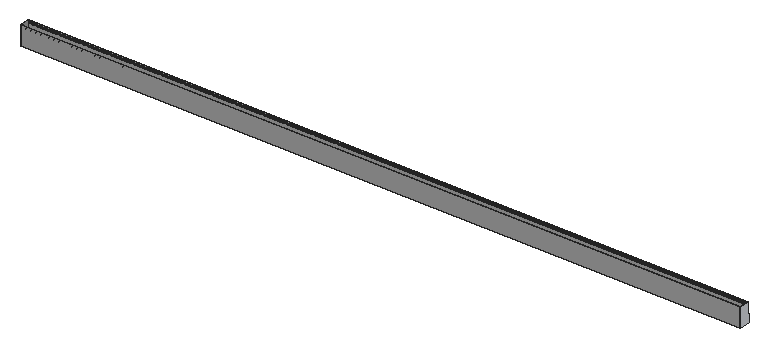
Revit family "MTS-SMK", category Generic Models, host Face, Revit 2022
Family settings
  Host = Face
  Can host rebar = No
  Round Connector Dimension = Use Diameter
  Part Type = Normal
  Cut with Voids When Loaded = Yes
  Maintain Annotation Orientation = No
  Shared = No
  Room Calculation Point = No
Parameters (values of type "MTS3M-24V-SMK-BK")
  URL = "https://www.abovealllighting.com/Product/LED-INDOOR-FIXTURE/Track/MagneticTrackProfile.html"
  Suspension = Height - 0' 3"  # 0' - 0"
  Model = "MTS3M-24V-SMK-BK"
  Height = 0' - 3"
  Manufacturer = "Above All Lighting"  # constant formula
  Load Classification = Lighting
  Length = 9' - 10"
  Input Voltage = "24V"
  End Cap 2 = yes
  End Cap 1 = yes
  Default Elevation = 0' - 0"
Types (4): name | Model | Length
  (no name) | "MTS3M-24V-SMK-BK" | 9' - 10"
  MTS1M-24V-SMK-BK | "MTS1M-24V-SMK-BK" | 3' - 3 51/128"
  MTS2M-24V-SMK-BK | "MTS2M-24V-SMK-BK" | 6' - 6 55/128"
  MTS3M-24V-SMK-BK | "MTS3M-24V-SMK-BK" | 9' - 10"
Reference planes (in)
  plane 1 "Center (Front/Back)": y = 0
  plane 2: z = 0
  plane 3 "Center (Left/Right)": x = 0
  plane 4: z = 0
  plane 5: y = 0.77
  plane 6: y = -0.77
  plane 7: z = 3
  plane 8: x = -58.9
  plane 9: x = 58.9
  plane 10: x = -59
  plane 11: x = 59
  plane 12: x = 50.3
  plane 13: x = -50.3
Forms (in)
  Extrusion 1, solid, material "Default"
    sketch origin (-19.5, 0, 4) x (0, -1, 0) y (0, 0, -1)
      loop
        line (0.77, 1) -> (0.77, 4) -> (0.27, 4) -> (0.27, 3.88979) -> (0.6271, 3.88979) -> (0.6271, 3.63979) -> (0.3771, 3.63979) -> (0.3771, 3.69609) -> (0.27, 3.69609) -> (0.27, 3.63979) -> (0, 3.63979) -> (-0.27, 3.63979) -> (-0.27, 3.69609) -> (-0.3771, 3.69609) -> (-0.3771, 3.63979) -> (-0.6271, 3.63979) -> (-0.6271, 3.88979) -> (-0.27, 3.88979) -> (-0.27, 4) -> (-0.77, 4) -> (-0.77, 1) -> (-0.73734, 1) -> (-0.66461, 1.07273) -> (-0.66461, 1.10394) -> (-0.69547, 1.10394) -> (-0.69547, 1.24067) -> (-0.6271, 1.24067) -> (-0.6271, 3.13493) -> (-0.45049, 3.13493) -> (-0.45049, 3.27736) -> (-0.45049, 3.34572) -> (-0.6271, 3.34572) -> (-0.6271, 3.51948) -> (0, 3.51948) -> (0.6271, 3.51948) -> (0.6271, 3.34572) -> (0.45049, 3.34572) -> (0.45049, 3.27736) -> (0.45049, 3.13493) -> (0.6271, 3.13493) -> (0.6271, 1.24067) -> (0.69547, 1.24067) -> (0.69547, 1.10394) -> (0.66461, 1.10394) -> (0.66461, 1.07273) -> (0.73734, 1) -> (0.77, 1)
    from -39.4 to 78.4
  Extrusion 2, solid, material "Default", visible <- "End Cap 1"
    sketch origin (-19.8, 0, 0) x (0, 1, 0) y (0, 0, 1)
      loop
        line (0.77, 3) -> (-0.77, 3) -> (-0.77, 0) -> (0.77, 0) -> (0.77, 3)
    from -39.2 to -39.1
  Extrusion 3, solid, visible <- "End Cap 2"
    sketch origin (19.8, 0, 0) x (0, 1, 0) y (0, 0, -1)
      loop
        line (0.77, -3) -> (0.77, 0) -> (-0.77, 0) -> (-0.77, -3) -> (0.77, -3)
    from -39.2 to -39.1
Dimensions and locks (in)
  plane 5 to plane 6 = 0' - 1.54"
  plane 4 to plane 7 = 0' - 3"
  equal spacing: plane 8, plane 3 "Center (Left/Right)", plane 9
  locked: plane 10 to plane 8 at 0.1
  locked: plane 9 to plane 11 at 0.1
  "Length": plane 10 to plane 11
  "Height": host face to plane 7
  locked: plane 8 to plane 13 at 8.6
  locked: plane 12 to plane 9 at 8.6
  "Length": Extrusion 2 to Extrusion 3
  aligned and locked: plane 2 to host face
  aligned and locked: level to host face
  aligned and locked: plane 9 to Extrusion 1
  aligned and locked: Extrusion 1 to plane 8
  aligned and locked: plane 10 to Extrusion 2
  aligned and locked: plane 8 to Extrusion 2
  aligned and locked: plane 5 to Extrusion 2
  aligned and locked: plane 6 to Extrusion 2
  aligned and locked: plane 11 to Extrusion 3
  aligned and locked: plane 9 to Extrusion 3
  aligned and locked: plane 5 to Extrusion 3
  aligned and locked: plane 6 to Extrusion 3
Automatic sketch dimensions
  host sketch curve to host sketch curve = 8' - 0"  (x2)
  Extrusion 1 sketch curve to plane 5 = 0' - 0"
  plane 7 to Extrusion 1 sketch curve = 0' - 0"  (x2)
  Extrusion 1 sketch curve to plane 4 = 0' - 0"  (x2)
  Extrusion 1 sketch curve to plane 1 "Center (Front/Back)" = 0' - 0"  (x2)
  Extrusion 1 sketch curve to plane 6 = 0' - 0"
  Extrusion 1 sketch curve to Extrusion 1 sketch curve = 0' - 0.03266"  (x2)
  Extrusion 1 sketch curve to plane 5 = 0' - 0.07453"
  Extrusion 1 sketch curve to Extrusion 1 sketch curve = 0' - 0.03086"  (x2)
  Extrusion 1 sketch curve to plane 5 = 0' - 0.1429"
  Extrusion 1 sketch curve to Extrusion 1 sketch curve = 0' - 0"  (x3)
  Extrusion 1 sketch curve to Extrusion 1 sketch curve = 0' - 0.06836"  (x3)
  Extrusion 1 sketch curve to Extrusion 1 sketch curve = 0' - 0.17661"
  Extrusion 1 sketch curve to Extrusion 1 sketch curve = 0' - 0 1/4"
  Extrusion 1 sketch curve to plane 1 "Center (Front/Back)" = 0' - 0.27"
  Extrusion 1 sketch curve to Extrusion 1 sketch curve = 0' - 0.1071"  (x2)
  plane 1 "Center (Front/Back)" to Extrusion 1 sketch curve = 0' - 0.27"
  Extrusion 1 sketch curve to plane 6 = 0' - 0.31951"
  Extrusion 1 sketch curve to plane 6 = 0' - 0.1429"  (x3)
  Extrusion 1 sketch curve to plane 6 = 0' - 0.10539"
  plane 7 to Extrusion 1 sketch curve = 0' - 0.07273"  (x2)
  Extrusion 1 sketch curve to Extrusion 1 sketch curve = 0' - 0.03121"  (x2)
  Extrusion 1 sketch curve to Extrusion 1 sketch curve = 0' - 0 35/256"  (x2)
  plane 4 to Extrusion 1 sketch curve = 0' - 0.86507"  (x2)
  Extrusion 1 sketch curve to Extrusion 1 sketch curve = 0' - 0.14243"  (x2)
  Extrusion 1 sketch curve to Extrusion 1 sketch curve = 0' - 0.17376"
  Extrusion 1 sketch curve to Extrusion 1 sketch curve = 0' - 0.12031"  (x2)
  Extrusion 1 sketch curve to Extrusion 1 sketch curve = 0' - 0.0563"  (x2)
  plane 4 to Extrusion 1 sketch curve = 0' - 0.11021"  (x2)
  Extrusion 2 sketch curve to plane 6 = 0' - 0"
  Extrusion 2 sketch curve to plane 4 = 0' - 0"
  Extrusion 2 sketch curve to plane 5 = 0' - 0"
  plane 7 to Extrusion 2 sketch curve = 0' - 0"
  Extrusion 3 sketch curve to plane 6 = 0' - 0"
  Extrusion 3 sketch curve to plane 4 = 0' - 0"
  Extrusion 3 sketch curve to plane 5 = 0' - 0"
  plane 7 to Extrusion 3 sketch curve = 0' - 0"
